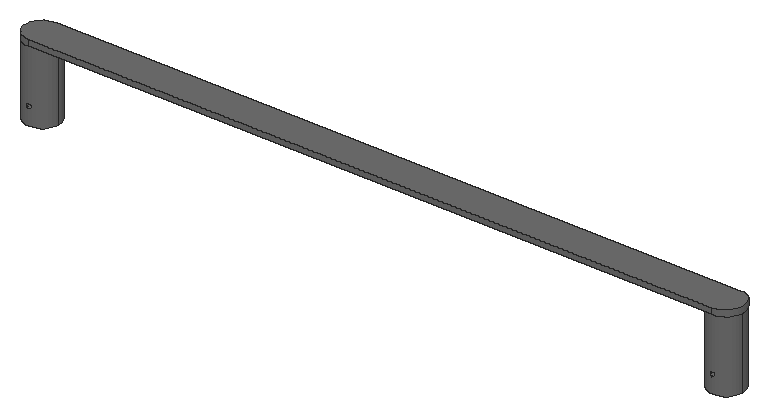
Revit family "4-ALMA-STRCode-Ascari 600 Single Towel Rail-Finish", category Specialty Equipment, host Face, Revit 2022
Family settings
  Host = Face
  Round Connector Dimension = Use Diameter
  Part Type = Normal
  Cut with Voids When Loaded = No
  Maintain Annotation Orientation = No
  Shared = No
  Room Calculation Point = No
Parameters (values of type "MATTE BLACK")
  URL = "https://www.buildmat.com.au/products/ascari-matte-black-600-single-towel-rail"
  Model = "STRBK600"
  Material = _BM_MATTE BLACK
  Manufacturer = "BUILDMAT"
  Default Elevation = 1219.2 mm
  Cost = 119
Types (4, lengths in mm): name | URL | Model | Material | Cost
  BRUSHED BRASS GOLD | "https://www.buildmat.com.au/products/ascari-brushed-brass-gold-600-single-towel-rail" | "STBGD600" | _BM_BRUSHED BRASS GOLD | 139
  BRUSHED GUNMETAL | "https://www.buildmat.com.au/products/ascari-brushed-gunmetal-600-single-towel-rail" | "STRGM600" | _BM_BRUSHED GUNMETAL | 139
  BRUSHED NICKEL | "https://www.buildmat.com.au/products/ascari-brushed-nickel-600-single-towel-rail" | "STRBN600" | _BM_BRUSHED NICKEL | 139
  MATTE BLACK | "https://www.buildmat.com.au/products/ascari-matte-black-600-single-towel-rail" | "STRBK600" | _BM_MATTE BLACK | 119
Reference planes
  plane 1 "Centro (Elevation)": y = 0
  plane 2 "Back": z = 0
  plane 3 "Centro (Izquierda/Derecha)": x = 0
  plane 4 "Top": y = 14.5
  plane 5 "Bottom": y = -14.5
  plane 6: x = -285.5
  plane 7: x = 285.5
  plane 8 "Left": x = -300
  plane 9 "Right": x = 300
  plane 10 "Front": z = 65
  plane 11: z = 60
Forms (mm)
  Extrusion 1, solid, material "_BM_MATTE BLACK" <- "Material"
    sketch origin (0, 0, 65) x (1, 0, 0) y (0, 1, 0)
      loop
        arc (-285.5, 14.5) -> (-300, 0) -> (-285.5, -14.5) r 14.5
        line (-285.5, -14.5) -> (285.5, -14.5)
        arc (285.5, -14.5) -> (300, 0) -> (285.5, 14.5) r 14.5
        line (285.5, 14.5) -> (-285.5, 14.5)
    from 0 to -5
  Extrusion 2, solid, material "_BM_MATTE BLACK" <- "Material"
    sketch origin (0, 0, 0) x (1, 0, 0) y (0, 1, 0)
      loop
        circle (-285.5, 0) r 14
    from 0 to 60
  Extrusion 3, solid, material "_BM_MATTE BLACK" <- "Material"
    sketch origin (0, 0, 0) x (1, 0, 0) y (0, 1, 0)
      loop
        circle (285.5, 0) r 14
    from 0 to 60
  Extrusion 4, void
    sketch origin (0, 0, 0) x (1, 0, 0) y (0, 0, 1)
      loop
        circle (-285.5, 15) r 2
      loop
        circle (285.5, 15) r 2
    from -14.5 to 14.5
Cuts and joins
  Extrusion 4 cuts Extrusion 1
  Extrusion 4 cuts Extrusion 2
  Extrusion 4 cuts Extrusion 3
  joined: Extrusion 1, Extrusion 2, Extrusion 3
Lines and regions (mm)
  symbolic lines, style "SpecialityEquipmentHiddenLines", detail levels medium+fine
    curve 1: circle (-285.5, 0, 0) r 14 normal (0, 0, 1)
    curve 2: circle (285.5, 0, 0) r 14 normal (0, 0, 1)
Dimensions and locks
  equal spacing: plane 4 "Top", plane 1 "Centro (Elevation)", plane 5 "Bottom"
  plane 4 "Top" to plane 5 "Bottom" = 29 mm
  equal spacing: plane 6, plane 3 "Centro (Izquierda/Derecha)", plane 7
  plane 6 to plane 7 = 571 mm
  equal spacing: plane 8 "Left", plane 3 "Centro (Izquierda/Derecha)", plane 9 "Right"
  plane 8 "Left" to plane 9 "Right" = 600 mm
  plane 2 "Back" to plane 10 "Front" = 65 mm
  plane 11 to plane 10 "Front" = 5 mm
  aligned and locked: plane 2 "Back" to host face
  aligned and locked: level to host face
  aligned and locked: plane 10 "Front" to Extrusion 1
  aligned and locked: plane 11 to Extrusion 1
  aligned and locked: Extrusion 2 to plane 2 "Back"
  aligned and locked: Extrusion 3 to plane 2 "Back"
  aligned and locked: Extrusion 3 to plane 11
  aligned and locked: Extrusion 2 to plane 11
  aligned and locked: plane 4 "Top" to Extrusion 4
  aligned and locked: Extrusion 4 to plane 5 "Bottom"
Automatic sketch dimensions
  host sketch curve to host sketch curve = 2438.4 mm  (x2)
  plane 1 "Centro (Elevation)" to Extrusion 2 sketch curve = 0 mm
  Extrusion 2 sketch curve to plane 6 = 0 mm
  plane 1 "Centro (Elevation)" to Extrusion 3 sketch curve = 0 mm
  Extrusion 3 sketch curve to plane 7 = 0 mm
  level to Extrusion 4 sketch curve = 15 mm  (x2)
  Extrusion 4 sketch curve to plane 6 = 0 mm
  Extrusion 4 sketch curve to plane 7 = 0 mm
  plane 1 "Centro (Elevation)" to Extrusion 1 sketch curve = 0 mm
  Extrusion 1 sketch curve to plane 6 = 0 mm
  Extrusion 1 sketch curve to plane 4 "Top" = 0 mm
  Extrusion 1 sketch curve to plane 7 = 0 mm
  plane 1 "Centro (Elevation)" to curve 1 = 0 mm
  curve 1 to plane 6 = 0 mm
  plane 1 "Centro (Elevation)" to curve 2 = 0 mm
  curve 2 to plane 7 = 0 mm
  radius of Extrusion 2 sketch curve = 14 mm
  radius of Extrusion 3 sketch curve = 14 mm
  radius of Extrusion 4 sketch curve = 2 mm  (x2)
  radius of curve 1 = 14 mm
  radius of curve 2 = 14 mm
